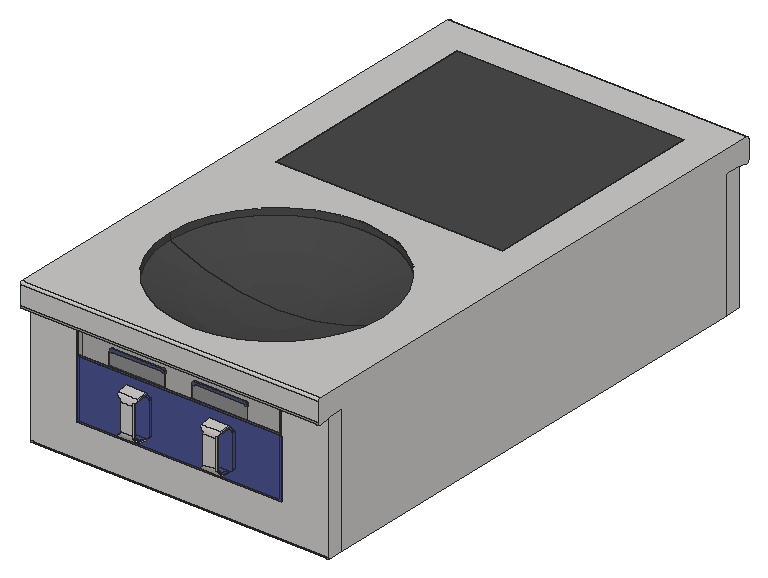
Revit family "QF_ELECTROLUXPROFESSIONAL_589038_MCIJAAEOAO", category Specialty Equipment, Revit 2018
Family settings
  Round Connector Dimension = Use Diameter
  Part Type = Normal
  Work Plane-Based = No
  Always vertical = Yes
  Cut with Voids When Loaded = No
  Shared = No
  Room Calculation Point = No
Parameters
  Weight in Pounds = 55.1
  Watts = 10000 VA  # 10000 W
  Volts = 400 V  # constant formula
  URL Cutsheet = ""
  Type Mark [instance] = ""
  Status [instance] = ""
  Specification by User [instance] = ""
  Specification by Manufacturer = ""
  Serial Number = ""
  Seismic Rating = ""
  SMACNA No = ""
  Revision Code [instance] = ""
  Phase = 3  # constant formula
  Omniclass Number and Title = ""
  Number of Poles [instance] = 1
  NAFEM Spec ID Number = ""
  Model = "589038"
  Min Ckt Ampacity = 0 A
  Max Overcurrent Protection = 0 A
  Masterspec = ""
  Manufacturer = "ELECTROLUX"
  Item Number [instance] = ""
  Installed By [instance] = ""
  Identify Quantity as Lot [instance] = yes
  HP = "13.4 HP"
  Furnished By [instance] = ""
  Foodservice Equipment Identifier [instance] = yes
  FL Amps [instance] = if(Phase = 3, Watts / (Volts * 1.73), Watts / Volts)  # 14.4509 A
  Electrical Remarks = "400 V/3N ph/50/60 Hz"  # constant formula
  Electric Connection Type [instance] = ""
  Elec Conn RI Height [instance] = 0 mm
  Elec Conn Connection Height [instance] = 0 mm
  Direct Waste Size = 0"
  Description = "INDUCT.WOK+PLATE,2 ZONE,1-S,500X900X250H"
  Cycle [instance] = if([60 Hertz Option], 60 Hz, 50 Hz)  # 60 Hz
  Conn Plug = ""
  Conn Conduit = yes
  CSI MasterFormat = ""
  CSI Master Format = ""
  Apparent Power [instance] = if(Phase = 3, Volts * FL Amps * 1.73, Volts * FL Amps)  # 10000 VA
  60 Hertz Option [instance] = not([50 Hertz Option])  # yes
  50 Hertz Option [instance] = no
Reference planes
  plane 1 "BACK": y = 0
  plane 2: z = 0
  plane 3 "LEFT": x = 0
  plane 4 "RIGHT": x = 500
  plane 5 "FRONT": y = -900
  plane 6 "TOP": z = 250
  plane 7: x = 250
  plane 8: y = -450
  plane 9: x = 455
Forms (mm)
  Extrusion 1, solid, material "QF_Finishes_Stainless Steel"
    sketch origin (0, -487.128, 0) x (0, 1, 0) y (0, 0, 1)
      loop
        line (483.128, 250) -> (-408.872, 250)
        arc (-408.872, 250) -> (-411.7, 248.828) -> (-412.872, 246) r 4
        line (-412.872, 246) -> (-412.872, 214)
        arc (-412.872, 214) -> (-411.443, 210.936) -> (-408.177, 210.061) r 4
        line (-408.177, 210.061) -> (-391.509, 213) -> (-366.872, 213) -> (-366.872, 0) -> (441.128, 0) -> (441.128, 213) -> (465.765, 213) -> (482.433, 210.061)
        arc (482.433, 210.061) -> (485.699, 210.936) -> (487.128, 214) r 4
        line (487.128, 214) -> (487.128, 246)
        arc (487.128, 246) -> (485.956, 248.828) -> (483.128, 250) r 4
    from 0 to 500
  Extrusion 2, solid, material "QF_Finishes_Stainless Steel"
    sketch origin (0, 0, 0) x (0, 1, 0) y (0, 0, 1)
      loop
        line (-46, 0) -> (-20, 0) -> (-20, 213) -> (-46, 213) -> (-46, 0)
    from 0 to 500
  Extrusion 3, solid, material "QF_Finishes_Stainless Steel"
    sketch origin (0, -854, 0) x (1, 0, 0) y (0, -1, 0)
      loop
        circle (455, -169) r 6.35
    from 0 to 3.2
  Revolve 4, void
    sketch origin (1178.738, -675, 1219.2) x (-1, 0, 0) y (0, 0, 1)
      loop
        line (928.738, -969.2) -> (928.738, -1021.018)
        arc (928.738, -1021.018) -> (1020.986, -1010.707) -> (1108.738, -980.45) r 421.407
        line (1108.738, -980.45) -> (1108.738, -969.2) -> (928.738, -969.2)
      axis (928.738, -969.2) -> (928.738, -1021.018)
    angle from 0 to 360
  Extrusion 5, solid, material "QF_Finishes_Black"
    sketch origin (-975.299, -4572, 250) x (-1, 0, 0) y (0, -1, 0)
      loop
        line (-1035.299, -4132) -> (-1415.299, -4132) -> (-1415.299, -4512) -> (-1035.299, -4512) -> (-1035.299, -4132)
    from 0 to -25.4
  Extrusion 6, void
    sketch origin (-975.299, -4572, 250) x (-1, 0, 0) y (0, -1, 0)
      loop
        line (-1035.299, -4132) -> (-1415.299, -4132) -> (-1415.299, -4512) -> (-1035.299, -4512) -> (-1035.299, -4132)
    from 0 to -25.4
Cuts and joins
  Revolve 4, Extrusion 6 cuts Extrusion 1
Lines and regions (mm)
  symbolic lines
    curve 1: line (0, 0, 0) -> (500, 0, 0)
    curve 2: line (0, -900, 0) -> (0, 0, 0)
    curve 3: line (500, -900, 0) -> (0, -900, 0)
    curve 4: line (500, 0, 0) -> (500, -900, 0)
    curve 5: arc (70, -675, 0) -> (250, -495, 0) -> (430, -675, 0) r 180
    curve 6: arc (430, -675, 0) -> (250, -855, 0) -> (70, -675, 0) r 180
    curve 7: line (440, -60, 250) -> (60, -60, 250)
    curve 8: line (440, -440, 250) -> (440, -60, 250)
    curve 9: line (60, -440, 250) -> (440, -440, 250)
    curve 10: line (60, -60, 250) -> (60, -440, 250)
Dimensions and locks
  plane 3 "LEFT" to plane 4 "RIGHT" = 500 mm
  plane 5 "FRONT" to plane 1 "BACK" = 900 mm
  equal spacing: plane 3 "LEFT", plane 7, plane 4 "RIGHT"
  equal spacing: plane 5 "FRONT", plane 8, plane 1 "BACK"
  plane 6 "TOP" to level = 250 mm  (x2)
  plane 1 "BACK" to plane 5 "FRONT" = 900 mm
  Extrusion 3 sketch curve to plane 1 "BACK" = 685 mm
  Extrusion 3 sketch curve to plane 4 "RIGHT" = 45 mm
  plane 1 "BACK" to Extrusion 3 = 685 mm
  plane 9 to plane 4 "RIGHT" = 45 mm
  plane 5 "FRONT" to plane 8 = 450 mm
  plane 1 "BACK" to plane 8 = 450 mm
  aligned and locked: level to plane 2
  aligned and locked: Extrusion 2 to plane 4 "RIGHT"
Automatic sketch dimensions
  Extrusion 1 sketch curve to plane 5 "FRONT" = 0 mm
  Extrusion 1 sketch curve to plane 6 "TOP" = 0 mm
  Extrusion 1 sketch curve to level = 0 mm
  Extrusion 1 sketch curve to plane 1 "BACK" = 0 mm
  Extrusion 1 sketch curve to plane 6 "TOP" = 37 mm  (x2)
  Extrusion 1 sketch curve to plane 5 "FRONT" = 4 mm
  Extrusion 1 sketch curve to plane 5 "FRONT" = 21.363 mm
  Extrusion 1 sketch curve to Extrusion 1 sketch curve = 24.637 mm
  plane 1 "BACK" to Extrusion 1 sketch curve = 46 mm
  plane 1 "BACK" to Extrusion 1 sketch curve = 21.363 mm
  plane 1 "BACK" to Extrusion 1 sketch curve = 4 mm  (x2)
  Extrusion 1 sketch curve to Extrusion 1 sketch curve = 4 mm
  Extrusion 1 sketch curve to Extrusion 1 sketch curve = 0.695 mm
  Extrusion 1 sketch curve to Extrusion 1 sketch curve = 0 mm  (x4)
  plane 1 "BACK" to Extrusion 1 sketch curve = 4.695 mm
  Extrusion 1 sketch curve to Extrusion 1 sketch curve = 1 mm  (x2)
  Extrusion 2 sketch curve to level = 0 mm
  Extrusion 2 sketch curve to Extrusion 2 sketch curve = 26 mm
  plane 1 "BACK" to curve 1 = 0 mm
  curve 1 to plane 4 "RIGHT" = 0 mm
  curve 3 to plane 3 "LEFT" = 0 mm
  plane 5 "FRONT" to curve 3 = 0 mm
  curve 6 to plane 7 = 0 mm
  plane 9 to curve 6 = 25 mm
  Revolve 4 sketch curve to plane 7 = 0 mm  (x2)
  Revolve 4 sketch curve to plane 6 "TOP" = 0 mm
  Revolve 4 sketch curve to plane 6 "TOP" = 51.818 mm
  plane 3 "LEFT" to Revolve 4 sketch curve = 70 mm
  plane 7 to Revolve 4 sketch curve = 0.405 mm
  Revolve 4 sketch curve to Revolve 4 sketch curve = 11.25 mm
  Revolve 4 sketch curve to level = 215 mm
  plane 6 "TOP" to Revolve 4 sketch curve = 110 mm
  plane 9 to Extrusion 5 sketch curve = 15 mm
  plane 1 "BACK" to Extrusion 5 sketch curve = 60 mm
  plane 3 "LEFT" to Extrusion 5 sketch curve = 60 mm
  plane 8 to Extrusion 5 sketch curve = 10 mm
  plane 9 to Extrusion 6 sketch curve = 15 mm
  plane 1 "BACK" to Extrusion 6 sketch curve = 60 mm
  plane 3 "LEFT" to Extrusion 6 sketch curve = 60 mm
  plane 8 to Extrusion 6 sketch curve = 10 mm
  curve 5 to curve 6 = 0 mm
  curve 5 to plane 5 "FRONT" = 225 mm
  plane 9 to curve 8 = 15 mm
  plane 1 "BACK" to curve 8 = 60 mm
  plane 8 to curve 8 = 10 mm
  plane 3 "LEFT" to curve 9 = 60 mm
  plane 1 "BACK" to Extrusion 2 sketch curve = 20 mm
  Extrusion 2 sketch curve to plane 6 "TOP" = 37 mm
  radius of Extrusion 3 sketch curve = 6.35 mm
Nested families
  nested 1: "IW_900_500 mm Double Control Front Panel" at (252.376, -854, -650), type "IW_900_500 mm Double Control Front Panel"
Connectors
  electrical at (455, -685, -3.2), driven by "Volts", driven by "Watts"
    settings: on Extrusion 3, index 1, voltage 400 V, apparent load 10000 VA, apparent load phase1 0 VA, apparent load phase2 0 VA, apparent load phase3 0 VA, power factor 1, load classification "Other", number of poles 1, system type 30, power factor state 1, is connector primary yes, connector utility no, sub classification motor no, connector description "ELECTRICAL CONNECTION"
Definition of nested family "IW_900_500 mm Double Control Front Panel"
  Reference planes
    plane 1 "Center (Front/Back)": y = 0
    plane 2: z = 0
    plane 3 "Center (Left/Right)": x = -2.376
    plane 4: x = -252.376
    plane 5: x = 247.624
  Forms (mm)
    Extrusion 1, solid
      sketch origin (833.217, 829.203, -1.25) x (0, 1, 0) y (0, 0, 1)
        loop
          arc (-854.203, 654.25) -> (-853.324, 652.129) -> (-851.203, 651.25) r 3
          line (-851.203, 651.25) -> (-829.203, 651.25) -> (-829.203, 864.25) -> (-854.203, 864.25) -> (-854.203, 654.25)
      from -1085.593 to -585.593
    Extrusion 2, void
      sketch origin (33.217, 829.203, -1.25) x (1, 0, 0) y (0, 0, 1)
        loop
          line (-207.593, 852.364) -> (-207.593, 710.364) -> (136.407, 710.364) -> (136.407, 852.364) -> (-207.593, 852.364)
      from 843.409 to 854.203
  Cuts and joins
    Extrusion 2 cuts Extrusion 1
  Lines and regions (mm)
    symbolic lines
      curve 1: line (-55.722, -48.326, 0) -> (-55.722, -46, 0)
      curve 2: spline (-61.391, -49.73, 0) -> (-60.912, -49.657, 0) -> (-60.434, -49.575, 0) -> (-59.957, -49.486, 0) -> (-59.481, -49.389, 0) -> (-59.007, -49.283, 0) -> (-58.533, -49.17, 0) -> (-58.061, -49.049, 0) -> (-57.59, -48.92, 0) -> (-57.121, -48.783, 0) -> (-56.653, -48.638, 0) -> (-56.187, -48.486, 0) -> (-55.722, -48.326, 0)
      curve 3: line (-87.938, -48.326, 0) -> (-87.938, -46, 0)
      curve 4: spline (-87.938, -48.326, 0) -> (-87.473, -48.486, 0) -> (-87.007, -48.638, 0) -> (-86.54, -48.783, 0) -> (-86.07, -48.92, 0) -> (-85.599, -49.049, 0) -> (-85.127, -49.17, 0) -> (-84.653, -49.283, 0) -> (-84.179, -49.389, 0) -> (-83.703, -49.486, 0) -> (-83.226, -49.575, 0) -> (-82.748, -49.657, 0) -> (-82.269, -49.73, 0)
      curve 5: line (-61.391, -49.73, 0) -> (-82.269, -49.73, 0)
      curve 6: line (83.241, -48.326, 0) -> (83.241, -46, 0)
      curve 7: spline (77.572, -49.73, 0) -> (78.051, -49.657, 0) -> (78.529, -49.575, 0) -> (79.006, -49.486, 0) -> (79.482, -49.389, 0) -> (79.956, -49.283, 0) -> (80.43, -49.17, 0) -> (80.902, -49.049, 0) -> (81.373, -48.92, 0) -> (81.842, -48.783, 0) -> (82.31, -48.638, 0) -> (82.776, -48.486, 0) -> (83.241, -48.326, 0)
      curve 8: line (51.025, -48.326, 0) -> (51.025, -46, 0)
      curve 9: spline (51.025, -48.326, 0) -> (51.489, -48.486, 0) -> (51.956, -48.638, 0) -> (52.423, -48.783, 0) -> (52.893, -48.92, 0) -> (53.364, -49.049, 0) -> (53.836, -49.17, 0) -> (54.309, -49.283, 0) -> (54.784, -49.389, 0) -> (55.26, -49.486, 0) -> (55.737, -49.575, 0) -> (56.215, -49.657, 0) -> (56.694, -49.73, 0)
      curve 10: line (77.572, -49.73, 0) -> (56.694, -49.73, 0)
  Dimensions and locks
    equal spacing: plane 5, plane 3 "Center (Left/Right)", plane 4
    plane 5 to plane 4 = 500 mm
    locked: nested 2 to plane 4 at 156.952
    locked: plane 5 to nested 1 at 156.897
    locked: nested 2 to plane 4 at 180.772
    locked: plane 5 to nested 1 at 180.718
    aligned and locked: cut or joined group of Extrusion 1, Extrusion 2 to plane 4
    aligned and locked: plane 5 to cut or joined group of Extrusion 1, Extrusion 2
    aligned and locked: plane 3 "Center (Left/Right)" to nested 3
  Automatic sketch dimensions
    Extrusion 1 sketch curve to plane 1 "Center (Front/Back)" = 0 mm
    plane 1 "Center (Front/Back)" to Extrusion 1 sketch curve = 22 mm
    Extrusion 1 sketch curve to Extrusion 1 sketch curve = 3 mm
    level to Extrusion 1 sketch curve = 650 mm
    Extrusion 1 sketch curve to Extrusion 1 sketch curve = 210 mm
    curve 3 to plane 3 "Center (Left/Right)" = 85.562 mm
    curve 3 to curve 5 = 5.669 mm
    curve 5 to curve 5 = 20.878 mm
    curve 5 to curve 1 = 5.669 mm
    curve 8 to curve 10 = 5.669 mm
    curve 10 to curve 10 = 20.878 mm
    curve 10 to curve 6 = 5.669 mm
    curve 5 to curve 4 = 4.17 mm
    curve 2 to curve 2 = 4.17 mm
    curve 10 to curve 9 = 4.17 mm
    plane 1 "Center (Front/Back)" to curve 7 = 6.899 mm
    curve 9 to curve 7 = 12.538 mm
    curve 10 to curve 6 = 1.405 mm
    curve 9 to curve 8 = 1.405 mm
    curve 5 to curve 1 = 1.405 mm
    curve 4 to curve 3 = 1.405 mm
    curve 4 to curve 5 = 0.302 mm
    curve 9 to curve 10 = 0.302 mm
    curve 2 to curve 2 = 0.302 mm
    plane 4 to Extrusion 2 sketch curve = 78 mm
    level to Extrusion 2 sketch curve = 709.114 mm
    Extrusion 2 sketch curve to plane 5 = 78 mm
    Extrusion 2 sketch curve to Extrusion 2 sketch curve = 142 mm
    plane 1 "Center (Front/Back)" to curve 3 = 46 mm
    curve 6 to curve 6 = 2.326 mm
    curve 9 to curve 8 = 2.326 mm
    curve 1 to curve 1 = 2.326 mm
    plane 3 "Center (Left/Right)" to curve 8 = 53.401 mm
    plane 1 "Center (Front/Back)" to curve 10 = 49.73 mm
    curve 5 to curve 3 = 3.73 mm
  Nested families
    nested 1: "Range Control Handle" at (66.906, -28.137, -209.113), type "Range Control Handle"
    nested 2: "Range Control Handle" at (-71.604, -28.137, -209.113) x (-1, 0, 0) z (0, 0, 1), type "Range Control Handle"
    nested 3: "glass conrol panel One Right Side" at (-2.376, 278.697, 0), type "glass conrol panel One Right Side"
  Definition of nested family "Range Control Handle"
    Reference planes
      plane 1 "Center (Front/Back)": y = 0
      plane 2: z = 0
      plane 3 "Center (Left/Right)": x = 0
      plane 4: z = 971.092
    Forms (mm)
      Extrusion 1, solid
        sketch origin (-746.28, 380.497, 208.931) x (-1, 0, 0) y (0, 0, 1)
          loop
            line (-770.101, 786.798) -> (-770.101, 731.649)
            arc (-770.101, 731.649) -> (-769.759, 730.563) -> (-768.855, 729.87) r 1.893
            line (-768.855, 729.87) -> (-763.474, 727.911) -> (-729.81, 727.911) -> (-724.428, 729.87)
            arc (-724.428, 729.87) -> (-723.525, 730.563) -> (-723.183, 731.649) r 1.893
            line (-723.183, 731.649) -> (-723.183, 786.798)
            arc (-723.183, 786.798) -> (-723.529, 787.894) -> (-724.44, 788.593) r 1.91
            line (-724.44, 788.593) -> (-729.683, 790.819) -> (-763.601, 790.819) -> (-768.844, 788.593)
            arc (-768.844, 788.593) -> (-769.755, 787.894) -> (-770.101, 786.798) r 1.91
        from -382.35 to -378.852
      Sweep 2, solid
        path origin (-746.788, 380.496, 208.091) x (0, -1, 0) y (0, 0, 1)
          loop
            line (379.775, 793.281) -> (395.661, 791.048)
            arc (395.661, 791.048) -> (397.781, 787.377) -> (398.517, 783.202) r 12.207
            line (398.517, 783.202) -> (398.517, 737.368)
            arc (398.517, 737.368) -> (397.781, 733.193) -> (395.661, 729.522) r 12.207
            line (395.661, 729.522) -> (379.775, 727.289)
        profile origin (-746.788, -7.222, 1000.256) x (0, -0.139173, 0.990268) y (-1, 0, 0)
          loop
            line (0.782, -763.123) -> (0.782, -730.907) -> (-1.322, -730.907) -> (-1.322, -763.123) -> (0.782, -763.123)
      Sweep 3, solid
        path origin (-746.788, 380.715, 207.832) x (0, -1, 0) y (0, 0, 1)
          loop
            line (380.478, 795.442) -> (397.218, 793.09)
            arc (397.218, 793.09) -> (399.929, 788.473) -> (400.871, 783.202) r 15.207
            line (400.871, 783.202) -> (400.871, 737.584)
            arc (400.871, 737.584) -> (399.914, 732.274) -> (397.164, 727.633) r 15.207
            line (397.164, 727.633) -> (380.601, 725.305)
        profile origin (-746.788, -8.132, 1002.099) x (0, -0.139173, 0.990268) y (-1, 0, 0)
          loop
            line (0.782, -763.123) -> (0.782, -730.907) -> (-1.322, -730.907) -> (-1.322, -763.123) -> (0.782, -763.123)
      Extrusion 4, void
        sketch origin (889.253, 220.666, 207.993) x (1, 0, 0) y (0, 0, 1)
          loop
            line (-943.038, 816.854) -> (-943.038, 703.686) -> (-899.466, 734.196) -> (-899.466, 786.344) -> (-943.038, 816.854)
        from 230.636 to 242.25
      Extrusion 5, void
        sketch origin (-888.8, 220.666, 207.993) x (-1, 0, 0) y (0, 0, -1)
          loop
            line (-943.038, -816.854) -> (-899.466, -786.344) -> (-899.466, -734.196) -> (-943.038, -703.686) -> (-943.038, -816.854)
        from 230.636 to 242.25
      Extrusion 6, solid
        sketch origin (0, 0, 0) x (1, 0, 0) y (0, 0, 1)
          loop
            circle (0, 971.092) r 7.736
        from -3.137 to -1.645
    Cuts and joins
      Extrusion 4, Extrusion 5 cuts Sweep 3
      Extrusion 4, Extrusion 5 cuts Sweep 2
      joined: Extrusion 1, Extrusion 6
    Lines and regions (mm)
      symbolic lines
        curve 1: line (23.821, 1.645, 0) -> (-23.097, 1.645, 0)
        curve 2: line (16.334, -1.853, 0) -> (23.821, -1.853, 0)
        curve 3: line (-15.881, -19.189, 0) -> (-15.881, -1.853, 0)
        curve 4: line (-23.097, -1.853, 0) -> (-15.881, -1.853, 0)
        curve 5: line (16.334, -19.189, 0) -> (16.334, -1.853, 0)
        curve 6: spline (-15.881, -19.189, 0) -> (-15.417, -19.349, 0) -> (-14.951, -19.501, 0) -> (-14.483, -19.646, 0) -> (-14.014, -19.783, 0) -> (-13.543, -19.912, 0) -> (-13.071, -20.033, 0) -> (-12.597, -20.146, 0) -> (-12.122, -20.251, 0) -> (-11.646, -20.349, 0) -> (-11.169, -20.438, 0) -> (-10.691, -20.52, 0) -> (-10.213, -20.593, 0)
        curve 7: spline (10.666, -20.593, 0) -> (11.144, -20.52, 0) -> (11.622, -20.438, 0) -> (12.099, -20.349, 0) -> (12.575, -20.251, 0) -> (13.05, -20.146, 0) -> (13.524, -20.033, 0) -> (13.996, -19.912, 0) -> (14.467, -19.783, 0) -> (14.936, -19.646, 0) -> (15.404, -19.501, 0) -> (15.87, -19.349, 0) -> (16.334, -19.189, 0)
        curve 8: line (-10.213, -20.938, 0) -> (10.716, -20.938, 0)
        curve 9: line (-23.097, 1.645, 0) -> (-23.097, -1.853, 0)
        curve 10: line (23.821, 1.645, 0) -> (23.821, -1.853, 0)
  Definition of nested family "glass conrol panel One Right Side"
    Reference planes
      plane 1 "Center (Front/Back)": y = 0
      plane 2: z = 0
      plane 3 "Center (Left/Right)": x = 0
    Forms (mm)
      Extrusion 1, solid
        sketch origin (378.286, 0, 0.617) x (1, 0, 0) y (0, 0, 1)
          loop
            line (-550.286, 806.791) -> (-550.286, 708.497) -> (-206.286, 708.497) -> (-206.286, 806.791) -> (-550.286, 806.791)
        from 300.031 to 304.8
      Extrusion 2, solid
        sketch origin (378.286, 0, 0.617) x (1, 0, 0) y (0, 0, 1)
          loop
            line (-550.286, 850.497) -> (-550.286, 806.791) -> (-206.286, 806.791) -> (-206.286, 850.497) -> (-550.286, 850.497)
        from 300.031 to 304.8
      Extrusion 3, void
        sketch origin (378.286, 0, 0.617) x (1, 0, 0) y (0, 0, 1)
          loop
            line (-547.628, 847.565) -> (-547.628, 710.699) -> (-209.196, 710.699) -> (-209.196, 847.565) -> (-547.628, 847.565)
        from 303.697 to 304.8
      Extrusion 4, solid
        sketch origin (377.536, 1.101, -0.633) x (1, 0, 0) y (0, 0, 1)
          loop
            line (-261.431, 812.62) -> (-261.431, 834.177) -> (-266.24, 834.177) -> (-268.039, 835.977) -> (-348.469, 835.977) -> (-350.269, 834.177) -> (-355.186, 834.177) -> (-355.186, 812.62) -> (-261.431, 812.62)
        from 304.798 to 306.745
      Extrusion 5, solid
        sketch origin (377.536, 1.101, -0.633) x (1, 0, 0) y (0, 0, 1)
          loop
            line (-350.269, 834.177) -> (-348.469, 835.977) -> (-268.039, 835.977) -> (-266.24, 834.177) -> (-261.529, 834.177)
            arc (-261.529, 834.177) -> (-262.706, 838.752) -> (-266.98, 840.763) r 5.549
            line (-266.98, 840.763) -> (-349.686, 840.763)
            arc (-349.686, 840.763) -> (-353.942, 838.747) -> (-355.078, 834.177) r 5.5
            line (-355.078, 834.177) -> (-350.269, 834.177)
        from 304.798 to 306.745
      Extrusion 6, solid
        sketch origin (-377.536, 1.101, -0.633) x (-1, 0, 0) y (0, 0, -1)
          loop
            line (-261.431, -812.62) -> (-355.186, -812.62) -> (-355.186, -834.177) -> (-350.269, -834.177) -> (-348.469, -835.977) -> (-268.039, -835.977) -> (-266.24, -834.177) -> (-261.431, -834.177) -> (-261.431, -812.62)
        from 304.798 to 306.745
      Extrusion 7, solid
        sketch origin (-377.536, 1.101, -0.633) x (-1, 0, 0) y (0, 0, -1)
          loop
            line (-350.269, -834.177) -> (-355.078, -834.177)
            arc (-355.078, -834.177) -> (-353.942, -838.747) -> (-349.686, -840.763) r 5.5
            line (-349.686, -840.763) -> (-266.98, -840.763)
            arc (-266.98, -840.763) -> (-262.706, -838.752) -> (-261.529, -834.177) r 5.549
            line (-261.529, -834.177) -> (-266.24, -834.177) -> (-268.039, -835.977) -> (-348.469, -835.977) -> (-350.269, -834.177)
        from 304.798 to 306.745
    Cuts and joins
      Extrusion 3 cuts Extrusion 1
      Extrusion 3 cuts Extrusion 2
      Extrusion 3 cuts Extrusion 4
      Extrusion 3 cuts Extrusion 5
    Dimensions and locks
      aligned and locked: Extrusion 1 to Extrusion 2
      aligned and locked: Extrusion 5 sketch curve to Extrusion 4  (x4)
      aligned and locked: Extrusion 4 to Extrusion 5 sketch curve
      aligned and locked: Extrusion 5 to Extrusion 4
      aligned and locked: Extrusion 7 sketch curve to Extrusion 6  (x5)
      aligned and locked: Extrusion 7 to Extrusion 6
